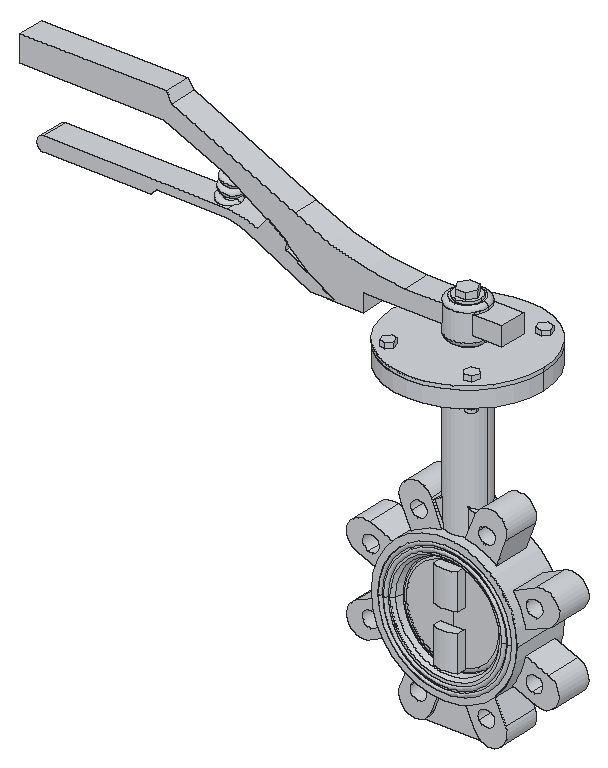
Revit family "R59FLY004", category Plumbing Fixtures, Revit 2015
Reference planes
  plane 1 "Center (Front/Back)": y = 0
  plane 2: z = 0
  plane 3 "Center (Left/Right)": x = 0
  plane 4: z = 140
  plane 5: x = -260
  plane 6: z = 217
  plane 7: z = 187
  plane 8: z = -63.5
  plane 9: z = -30
  plane 10: z = 170
  plane 11: z = -30
  plane 12: y = -17.262
  plane 13: y = 17.262
Forms (mm)
  Extrusion 1, solid
    sketch origin (0, 0, 130) x (1, 0, 0) y (0, 1, 0)
      loop
        circle (0, 0) r 45
    from 0 to 10
  Extrusion 2, solid
    sketch origin (0, 45.948, -140.573) x (1, 0, 0) y (0, 0, 1)
      loop
        arc (-96.679, 319.319) -> (-132.67, 336.792) -> (-169.654, 352.049) r 659.286
        line (-169.654, 352.049) -> (-172.843, 357.573) -> (-260, 357.573) -> (-260, 341.853) -> (-174.471, 341.853)
        arc (-174.471, 341.853) -> (-122.152, 316.93) -> (-77.024, 280.573) r 248.649
        line (-77.024, 280.573) -> (-55.568, 280.573) -> (-55.568, 291.199) -> (26.878, 291.199) -> (26.878, 302.179) -> (-30.767, 302.179)
        arc (-30.767, 302.179) -> (-64.704, 306.978) -> (-96.679, 319.319) r 150.722
    from 37.966 to 54.11
  Extrusion 3, solid
    sketch origin (-37.783, 45.948, -210.087) x (1, 0, 0) y (0, 0, 1)
      loop
        line (-98.516, 377.301) -> (-208.006, 377.301)
        arc (-208.006, 377.301) -> (-212.274, 373.033) -> (-208.006, 368.766) r 4.268
        line (-208.006, 368.766) -> (-144.475, 368.766) -> (-140.939, 372.301) -> (-103.305, 372.301)
        arc (-103.305, 372.301) -> (-95.507, 371.471) -> (-88.058, 369.019) r 37.057
        arc (-88.058, 369.019) -> (-68.407, 360.05) -> (-49.241, 350.087) r 421.945
        line (-49.241, 350.087) -> (-34.866, 350.087)
        arc (-34.866, 350.087) -> (-48.985, 359.43) -> (-64, 367.252) r 162.429
        line (-64, 367.252) -> (-63.437, 371.843) -> (-74.98, 380.231) -> (-80.609, 372.485)
        arc (-80.609, 372.485) -> (-89.36, 375.646) -> (-98.516, 377.301) r 55.494
    from 37.966 to 54.11
  Extrusion 4, solid
    sketch origin (0, 0, -76.95) x (1, 0, 0) y (0, 1, 0)
      loop
        circle (0, 0) r 12
    from 118.947 to 206.95
  Revolve 5, solid
    sketch origin (0, 0, 0) x (0, 1, 0) y (0, 0, 1)
      loop
        line (-1.078, -33.5) -> (1.078, -33.5) -> (1.078, -32.566)
        arc (1.078, -32.566) -> (1.953, -31.132) -> (3.478, -30.429) r 2.888
        line (3.478, -30.429) -> (6.599, -30.429)
        arc (6.599, -30.429) -> (9.772, -28.687) -> (11.11, -25.324) r 5.351
        line (11.11, -25.324) -> (11.11, 0) -> (-11.11, 0) -> (-11.11, -27.759)
        arc (-11.11, -27.759) -> (-10.328, -29.647) -> (-8.44, -30.429) r 2.67
        line (-8.44, -30.429) -> (-3.478, -30.429)
        arc (-3.478, -30.429) -> (-1.953, -31.132) -> (-1.078, -32.566) r 2.888
        line (-1.078, -32.566) -> (-1.078, -33.5)
      axis (11.11, 0) -> (-11.11, 0)
    angle from 0 to 360
  Blend 6, solid
    base sketch origin (0, 0, -4.163) x (1, 0, 0) y (0, 1, 0)
      loop
        line (-6.883, 16.4) -> (-6.883, -16.4)
        arc (-6.883, -16.4) -> (0, -18.078) -> (6.883, -16.4) r 14.953
        line (6.883, -16.4) -> (6.883, 16.4)
        arc (6.883, 16.4) -> (0, 18.078) -> (-6.883, 16.4) r 14.953
    top sketch origin (0, 0, 0) x (1, 0, 0) y (0, 1, 0)
      loop
        line (-6.883, 16.4) -> (-6.883, -16.4)
        arc (-6.883, -16.4) -> (0, -18.078) -> (6.883, -16.4) r 14.953
        line (6.883, -16.4) -> (6.883, 16.4)
        arc (6.883, 16.4) -> (0, 18.078) -> (-6.883, 16.4) r 14.953
    from 10.163 to 27.01
  Blend 7, solid
    base sketch origin (0, 0, -38.601) x (0, -1, 0) y (1, 0, 0)
      loop
        line (-16.4, -6.883) -> (16.4, -6.883)
        arc (16.4, -6.883) -> (18.078, 0) -> (16.4, 6.883) r 14.953
        line (16.4, 6.883) -> (-16.4, 6.883)
        arc (-16.4, 6.883) -> (-18.078, 0) -> (-16.4, -6.883) r 14.953
    top sketch origin (0, 0, -35.117) x (0, -1, 0) y (1, 0, 0)
      loop
        line (-16.4, -6.883) -> (16.4, -6.883)
        arc (16.4, -6.883) -> (18.078, 0) -> (16.4, 6.883) r 14.953
        line (16.4, 6.883) -> (-16.4, 6.883)
        arc (-16.4, 6.883) -> (-18.078, 0) -> (-16.4, -6.883) r 14.953
    from 11.542 to 29.117
  Extrusion 8, solid
    sketch origin (8.63, 0, -18.022) x (0.99863, 0, -0.052336) y (0.052336, 0, 0.99863)
      loop
        line (-18.251, 60.114) -> (-25.459, 74.264)
        arc (-25.459, 74.264) -> (-38.908, 78.635) -> (-43.28, 65.186) r 10
        line (-43.28, 65.186) -> (-36.072, 51.036) -> (-18.251, 60.114)
      loop
        circle (-32.1, 65.269) r 5
    from -10.546 to 10.991
  Extrusion 9, solid
    sketch origin (-6.641, 0, -18.846) x (0.669131, 0, -0.743145) y (0.743145, 0, 0.669131)
      loop
        line (-18.251, 60.114) -> (-25.459, 74.264)
        arc (-25.459, 74.264) -> (-38.908, 78.635) -> (-43.28, 65.186) r 10
        line (-43.28, 65.186) -> (-36.072, 51.036) -> (-18.251, 60.114)
      loop
        circle (-32.1, 65.269) r 5
    from -10.546 to 10.991
  Extrusion 10, solid
    sketch origin (-18.022, 0, -8.63) x (-0.052336, 0, -0.99863) y (0.99863, 0, -0.052336)
      loop
        line (-18.251, 60.114) -> (-25.459, 74.264)
        arc (-25.459, 74.264) -> (-38.908, 78.635) -> (-43.28, 65.186) r 10
        line (-43.28, 65.186) -> (-36.072, 51.036) -> (-18.251, 60.114)
      loop
        circle (-32.1, 65.269) r 5
    from -10.546 to 10.991
  Extrusion 11, solid
    sketch origin (-18.846, 0, 6.641) x (-0.743145, 0, -0.669131) y (0.669131, 0, -0.743145)
      loop
        line (-18.251, 60.114) -> (-25.459, 74.264)
        arc (-25.459, 74.264) -> (-38.908, 78.635) -> (-43.28, 65.186) r 10
        line (-43.28, 65.186) -> (-36.072, 51.036) -> (-18.251, 60.114)
      loop
        circle (-32.1, 65.269) r 5
    from -10.546 to 10.991
  Extrusion 12, solid
    sketch origin (-8.63, 0, 18.022) x (-0.99863, 0, 0.052336) y (-0.052336, 0, -0.99863)
      loop
        line (-18.251, 60.114) -> (-25.459, 74.264)
        arc (-25.459, 74.264) -> (-38.908, 78.635) -> (-43.28, 65.186) r 10
        line (-43.28, 65.186) -> (-36.072, 51.036) -> (-18.251, 60.114)
      loop
        circle (-32.1, 65.269) r 5
    from -10.546 to 10.991
  Extrusion 13, solid
    sketch origin (6.641, 0, 18.846) x (-0.669131, 0, 0.743145) y (-0.743145, 0, -0.669131)
      loop
        line (-18.251, 60.114) -> (-25.459, 74.264)
        arc (-25.459, 74.264) -> (-38.908, 78.635) -> (-43.28, 65.186) r 10
        line (-43.28, 65.186) -> (-36.072, 51.036) -> (-18.251, 60.114)
      loop
        circle (-32.1, 65.269) r 5
    from -10.546 to 10.991
  Extrusion 14, solid
    sketch origin (18.022, 0, 8.63) x (0.052336, 0, 0.99863) y (-0.99863, 0, 0.052336)
      loop
        line (-18.251, 60.114) -> (-25.459, 74.264)
        arc (-25.459, 74.264) -> (-38.908, 78.635) -> (-43.28, 65.186) r 10
        line (-43.28, 65.186) -> (-36.072, 51.036) -> (-18.251, 60.114)
      loop
        circle (-32.1, 65.269) r 5
    from -10.546 to 10.991
  Extrusion 15, solid
    sketch origin (18.846, 0, -6.641) x (0.743145, 0, 0.669131) y (-0.669131, 0, 0.743145)
      loop
        line (-18.251, 60.114) -> (-25.459, 74.264)
        arc (-25.459, 74.264) -> (-38.908, 78.635) -> (-43.28, 65.186) r 10
        line (-43.28, 65.186) -> (-36.072, 51.036) -> (-18.251, 60.114)
      loop
        circle (-32.1, 65.269) r 5
    from -10.546 to 10.991
  Extrusion 16, solid
    sketch origin (99.126, -27.447, 142) x (0, -1, 0) y (1, 0, 0)
      loop
        line (3.99, -123.113) -> (0.805, -120.344) -> (-3.184, -121.718) -> (-3.99, -125.86) -> (-0.805, -128.628) -> (3.184, -127.254) -> (3.99, -123.113)
    from 0 to 3
  Extrusion 17, solid
    sketch origin (99.126, -27.447, 122) x (0, -1, 0) y (1, 0, 0)
      loop
        circle (0, -124.486) r 3
    from 2.505 to 20
  Extrusion 18, solid
    sketch origin (99.126, -27.447, 129) x (0, -1, 0) y (1, 0, 0)
      loop
        line (3.99, -123.113) -> (0.805, -120.344) -> (-3.184, -121.718) -> (-3.99, -125.86) -> (-0.805, -128.628) -> (3.184, -127.254) -> (3.99, -123.113)
      loop
        line (-3.444, -125.672) -> (-0.695, -128.061) -> (2.749, -126.876) -> (3.444, -123.301) -> (0.695, -120.911) -> (-2.749, -122.097) -> (-3.444, -125.672)
    from -1.968 to 1
  Extrusion 19, solid, not visible
    sketch origin (26.117, -96.518, 104.233) x (0, -1, 0) y (1, 0, 0)
      loop
        line (3.99, -123.113) -> (0.805, -120.344) -> (-3.184, -121.718) -> (-3.99, -125.86) -> (-0.805, -128.628) -> (3.184, -127.254) -> (3.99, -123.113)
    from 0 to 3
  Extrusion 20, solid, not visible
    sketch origin (26.117, -96.518, 84.233) x (0, -1, 0) y (1, 0, 0)
      loop
        circle (0, -124.486) r 3
    from 2.505 to 20
  Extrusion 21, solid, not visible
    sketch origin (26.117, -96.518, 91.233) x (0, -1, 0) y (1, 0, 0)
      loop
        line (3.99, -123.113) -> (0.805, -120.344) -> (-3.184, -121.718) -> (-3.99, -125.86) -> (-0.805, -128.628) -> (3.184, -127.254) -> (3.99, -123.113)
      loop
        line (-3.444, -125.672) -> (-0.695, -128.061) -> (2.749, -126.876) -> (3.444, -123.301) -> (0.695, -120.911) -> (-2.749, -122.097) -> (-3.444, -125.672)
    from -1.968 to 1
  Extrusion 22, solid
    sketch origin (0, 0, 140) x (1, 0, 0) y (0, 1, 0)
      loop
        circle (0, 0) r 45
    from 0 to 2
  Extrusion 23, solid
    sketch origin (99.126, -27.447, 142) x (0, -1, 0) y (1, 0, 0)
      loop
        line (-58.884, -123.113) -> (-58.079, -127.254) -> (-54.09, -128.628) -> (-50.905, -125.86) -> (-51.71, -121.718) -> (-55.7, -120.344) -> (-58.884, -123.113)
    from 0 to 3
  Extrusion 24, solid
    sketch origin (99.126, -27.447, 122) x (0, -1, 0) y (1, 0, 0)
      loop
        circle (-54.895, -124.486) r 3
    from 2.505 to 20
  Extrusion 25, solid
    sketch origin (99.126, -27.447, 129) x (0, -1, 0) y (1, 0, 0)
      loop
        line (-58.884, -123.113) -> (-58.079, -127.254) -> (-54.09, -128.628) -> (-50.905, -125.86) -> (-51.71, -121.718) -> (-55.7, -120.344) -> (-58.884, -123.113)
      loop
        line (-51.451, -125.672) -> (-52.146, -122.097) -> (-55.59, -120.911) -> (-58.339, -123.301) -> (-57.644, -126.876) -> (-54.2, -128.061) -> (-51.451, -125.672)
    from -1.968 to 1
  Extrusion 26, solid
    sketch origin (-100.376, 27.447, 142) x (0, 1, 0) y (-1, 0, 0)
      loop
        line (-58.884, -123.113) -> (-58.079, -127.254) -> (-54.09, -128.628) -> (-50.905, -125.86) -> (-51.71, -121.718) -> (-55.7, -120.344) -> (-58.884, -123.113)
    from 0 to 3
  Extrusion 27, solid
    sketch origin (-100.376, 27.447, 122) x (0, 1, 0) y (-1, 0, 0)
      loop
        circle (-54.895, -124.486) r 3
    from 2.505 to 20
  Extrusion 28, solid
    sketch origin (-100.376, 27.447, 129) x (0, 1, 0) y (-1, 0, 0)
      loop
        line (-58.884, -123.113) -> (-58.079, -127.254) -> (-54.09, -128.628) -> (-50.905, -125.86) -> (-51.71, -121.718) -> (-55.7, -120.344) -> (-58.884, -123.113)
      loop
        line (-51.451, -125.672) -> (-52.146, -122.097) -> (-55.59, -120.911) -> (-58.339, -123.301) -> (-57.644, -126.876) -> (-54.2, -128.061) -> (-51.451, -125.672)
    from -1.968 to 1
  Extrusion 29, solid
    sketch origin (-100.376, 27.447, 142) x (0, 1, 0) y (-1, 0, 0)
      loop
        line (3.99, -123.113) -> (0.805, -120.344) -> (-3.184, -121.718) -> (-3.99, -125.86) -> (-0.805, -128.628) -> (3.184, -127.254) -> (3.99, -123.113)
    from 0 to 3
  Extrusion 30, solid
    sketch origin (-100.376, 27.447, 122) x (0, 1, 0) y (-1, 0, 0)
      loop
        circle (0, -124.486) r 3
    from 2.505 to 20
  Extrusion 31, solid
    sketch origin (-100.376, 27.447, 129) x (0, 1, 0) y (-1, 0, 0)
      loop
        line (3.99, -123.113) -> (0.805, -120.344) -> (-3.184, -121.718) -> (-3.99, -125.86) -> (-0.805, -128.628) -> (3.184, -127.254) -> (3.99, -123.113)
      loop
        line (-3.444, -125.672) -> (-0.695, -128.061) -> (2.749, -126.876) -> (3.444, -123.301) -> (0.695, -120.911) -> (-2.749, -122.097) -> (-3.444, -125.672)
    from -1.968 to 1
  Extrusion 32, solid
    sketch origin (125.063, -27.447, 167.144) x (0, -1, 0) y (1, 0, 0)
      loop
        line (-32.638, -122.069) -> (-32.638, -128.062) -> (-27.447, -131.059) -> (-22.257, -128.062) -> (-22.257, -122.069) -> (-27.447, -119.072) -> (-32.638, -122.069)
    from -1.014 to 2.856
  Extrusion 33, solid
    sketch origin (124.477, -54.895, 162.2) x (0, -1, 0) y (1, 0, 0)
      loop
        circle (-54.895, -124.486) r 8
    from -22.2 to 3.931
  Sweep 34, solid
    path origin (0, 0, 0) x (1, 0, 0) y (0, 0, 1)
      loop
        circle (0, 0) r 43.5
    profile origin (0, 0, -43.5) x (0, 0, 1) y (0, -1, 0)
      loop
        line (0.625, -16.949) -> (3.952, -16.949)
        arc (3.952, -16.949) -> (4.966, -17.963) -> (5.98, -16.949) r 1.014
        line (5.98, -16.949) -> (7.253, -16.949)
        arc (7.253, -16.949) -> (8.267, -17.963) -> (9.28, -16.949) r 1.014
        line (9.28, -16.949) -> (10.888, -16.949) -> (12.517, -14.607) -> (13.454, -11.11) -> (16.683, -7.881) -> (16.683, 7.881) -> (13.454, 11.11) -> (12.517, 14.607) -> (10.888, 16.949) -> (9.28, 16.949)
        arc (9.28, 16.949) -> (8.267, 17.963) -> (7.253, 16.949) r 1.014
        line (7.253, 16.949) -> (5.98, 16.949)
        arc (5.98, 16.949) -> (4.966, 17.963) -> (3.952, 16.949) r 1.014
        line (3.952, 16.949) -> (0.625, 16.949) -> (0.625, -16.949)
  Extrusion 35, solid
    sketch origin (0, 0, -20.66) x (1, 0, 0) y (0, 0, 1)
      loop
        line (-16.47, 75.846) -> (-9.856, 60.987) -> (9.323, 60.987) -> (15.146, 76.152)
        arc (15.146, 76.152) -> (6.998, 80.48) -> (1.583, 87.951) r 20.435
        line (1.583, 87.951) -> (1.583, 61.435) -> (-1.691, 61.435) -> (-1.691, 87.701)
        arc (-1.691, 87.701) -> (-7.623, 79.957) -> (-16.47, 75.846) r 20.435
    from -7.881 to 9.454
  Extrusion 36, solid
    sketch origin (-2.813, 0.293, 18.193) x (1, 0, 0) y (0, 0, 1)
      loop
        line (18.113, -76.16) -> (11.358, -60.987) -> (-7.552, -60.987) -> (-13.233, -75.781)
        arc (-13.233, -75.781) -> (-15.163, -78.916) -> (-18.097, -81.141) r 10
        line (-18.097, -81.141) -> (24.641, -81.141)
        arc (24.641, -81.141) -> (20.741, -79.484) -> (18.113, -76.16) r 8.561
    from -9.388 to 9.974
  Revolve 37, solid
    sketch origin (0, 0, 0) x (1, 0, 0) y (0, 0, 1)
      loop
        line (-9.486, 143.746) -> (0, 143.746) -> (0, 165) -> (-9.486, 165)
        arc (-9.486, 165) -> (-11.259, 164.265) -> (-11.994, 162.492) r 2.508
        line (-11.994, 162.492) -> (-11.994, 146.254)
        arc (-11.994, 146.254) -> (-11.259, 144.481) -> (-9.486, 143.746) r 2.508
      axis (0, 143.746) -> (0, 165)
    angle from 0 to 360
  Sweep 38, solid
    path origin (-48.156, 0, 166.496) x (0.978732, 0, -0.205142) y (0, 1, 0)
      loop
        circle (-92.344, 0) r 5
    profile origin (-138.536, 5, 185.439) x (0, -1, 0) y (0.205142, 0, 0.978732)
      loop
        circle (0, 0) r 2
  Sweep 39, solid
    path origin (-49.24, 0, 160.236) x (0.978732, 0, -0.205142) y (0, 1, 0)
      loop
        circle (-92.344, 0) r 5
    profile origin (-139.62, 5, 179.18) x (0, -1, 0) y (0.205142, 0, 0.978732)
      loop
        circle (0, 0) r 2
  Sweep 40, solid
    path origin (-50.258, 0, 154.62) x (0.978732, 0, -0.205142) y (0, 1, 0)
      loop
        circle (-92.344, 0) r 5
    profile origin (-140.638, 5, 173.564) x (0, -1, 0) y (0.205142, 0, 0.978732)
      loop
        circle (0, 0) r 2
  Sweep 41, solid
    path origin (-51.686, 0, 147.994) x (0.978732, 0, -0.205142) y (0, 1, 0)
      loop
        circle (-92.344, 0) r 5
    profile origin (-142.066, 5, 166.938) x (0, -1, 0) y (0.205142, 0, 0.978732)
      loop
        circle (0, 0) r 2
  Sweep 42, solid
    path origin (-0.002, 0, 0) x (1, 0, 0) y (0, 0, 1)
      loop
        circle (0, 0) r 43.5
    profile origin (-0.002, 0, -43.5) x (0, 0, 1) y (0, -1, 0)
      loop
        line (0, 17.262) -> (0, -17.262) -> (3.927, -17.262) -> (3.927, 17.262) -> (0, 17.262)
Dimensions and locks
  locked: plane 2 to plane 4 at 140
  plane 3 "Center (Left/Right)" to plane 5 = 260 mm
  level to plane 6 = 217 mm
  plane 8 to level = 63.5 mm
  locked: plane 4 to plane 10 at 30
  plane 13 to plane 12 = 34.524 mm
  aligned and locked: level to plane 2
